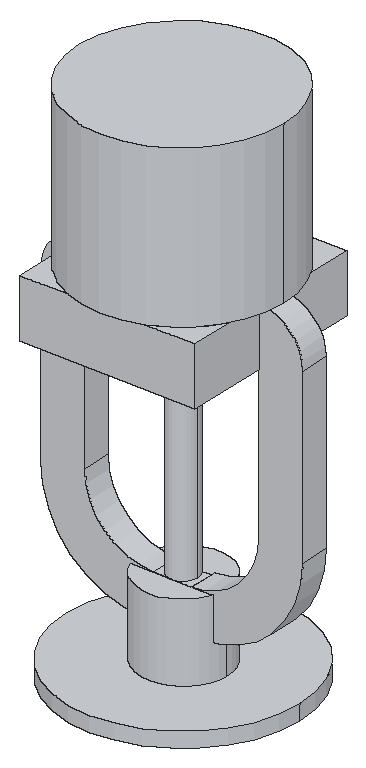
Revit family
Parameters (values of type "RASCO F156 PENDENT")
  Temperature Rating = 155 °F
  Response = (empty or 0)
  RASCO SIN # = "RA1314"
  RASCO Part # = "F56P1C"
  Pressure Rating = "175 PSI"
  Pressure Class = (empty or 0)
  Orifice Size = 1/2"
  Orifice = (empty or 0)
  Model = "F156"
  Manufacturer = "RASCO"
  K-Factor = 5.6
  Description = "Chrome Finish"
  Coverage = (empty or 0)
Reference planes (in)
  plane 1 "Center (Front/Back)": y = 0
  plane 2: z = 0
  plane 3 "Center (Left/Right)": x = 0
Dimensions and locks (in)
  aligned and locked: plane 2 to level
Nested families (in)
  nested 1: "F56P1C" at (-0.0113, 0, 2.4375) x (-1, 0, 0) z (0, 0, -1), type "RASCO F156 PENDENT"
Connectors (in)
  piping at (-0.0113, 0, 2.4375)
    settings: on nested 1, index 1, connector radius 55/128", flow factor 0, pipe flow 0 GPM, pressure drop 0.00 psi, fitting loss kfactor 0, connector angle 0.00°, fixture units 0, flow configuration 0, flow direction 0, fitting loss method 0, system type 7, connector reference index -1, connector utility 0, adjustable connector no, is connector primary yes, fitting loss table "", connector description ""
Definition of nested family "F56P1C"
  Parameters (values of type "RASCO F156 PENDENT")
    Type Comments = ""
    Temperature Rating = 0 °F
    Response = (empty or 0)
    Pressure Rating = "0"
    Pressure Class = (empty or 0)
    Orifice Size = 0"
    Orifice = (empty or 0)
    Model = ""
    Manufacturer = ""
    K-Factor = 0
    Description = ""
    Coverage = (empty or 0)
    Assembly Code = ""
  Reference planes (in)
    plane 1 "Center (Front/Back)": y = 0
    plane 2: z = 0
    plane 3 "ref.2": z = 0.6875
    plane 4 "ref.3": z = 0.9375
    plane 5: x = -0.38065
    plane 6: x = 0.36935
    plane 7 "ref. side 1": y = 0.06402
    plane 8 "ref. side 2": y = -0.06098
    plane 9 "ref.4": z = 1.875
    plane 10 "ref.5": z = 2.3125
    plane 11 "ref.6": z = 2.4375
  Forms (in)
    Extrusion 1, solid
      sketch origin (0, 0, 0) x (1, 0, 0) y (0, 1, 0)
        loop
          circle (0, 0) r 0.4379
      from 0 to 0.6875
    Extrusion 2, solid
      sketch origin (-0.12185, 0.05177, 0.6875) x (1, 0, 0) y (0, 1, 0)
        loop
          line (-0.2588, 0.356) -> (-0.2588, -0.4565) -> (0.4912, -0.4565) -> (0.4912, 0.356) -> (-0.2588, 0.356)
      from 0 to 0.25
    Extrusion 3, solid
      sketch origin (0, 0, 0) x (1, 0, 0) y (0, 0, 1)
        loop
          line (-0.38065, 0.68754) -> (-0.38065, 1.58397)
          arc (-0.38065, 1.58397) -> (-0.29541, 1.78976) -> (-0.08962, 1.875) r 0.29103
          line (-0.08962, 1.875) -> (0.07524, 1.875)
          arc (0.07524, 1.875) -> (0.28321, 1.78886) -> (0.36935, 1.58089) r 0.29411
          line (0.36935, 1.58089) -> (0.36935, 0.68751)
          arc (0.36935, 0.68751) -> (0.50207, 0.74393) -> (0.55685, 0.87734) r 0.18984
          line (0.55685, 0.87734) -> (0.55685, 1.61676)
          arc (0.55685, 1.61676) -> (0.42629, 1.93194) -> (0.11111, 2.0625) r 0.44574
          line (0.11111, 2.0625) -> (-0.12259, 2.0625)
          arc (-0.12259, 2.0625) -> (-0.43765, 1.932) -> (-0.56815, 1.61694) r 0.44556
          line (-0.56815, 1.61694) -> (-0.56815, 0.87876)
          arc (-0.56815, 0.87876) -> (-0.51345, 0.74486) -> (-0.38065, 0.68754) r 0.19126
      from -0.06402 to 0.06098
    Extrusion 4, solid
      sketch origin (0, 0, 0.9375) x (-1, 0, 0) y (0, -1, 0)
        loop
          circle (0.00574, -0.00152) r 0.0625
      from 0 to 0.9375
    Extrusion 5, solid
      sketch origin (0, 0, 1.875) x (-1, 0, 0) y (0, -1, 0)
        loop
          circle (0.00574, -0.00152) r 0.1875
      from 0 to 0.4375
    Extrusion 6, solid
      sketch origin (0, 0, 2.3125) x (0, -1, 0) y (1, 0, 0)
        loop
          circle (-0.00152, -0.00574) r 0.5
      from -0.10531 to -0.03987
  Cuts and joins
    joined: Extrusion 1, Extrusion 2, Extrusion 4
  Lines and regions (in)
    model lines
      curve 1: line (-0.00574, 0.06402, 1.875) -> (-0.00574, -0.06098, 1.875)
